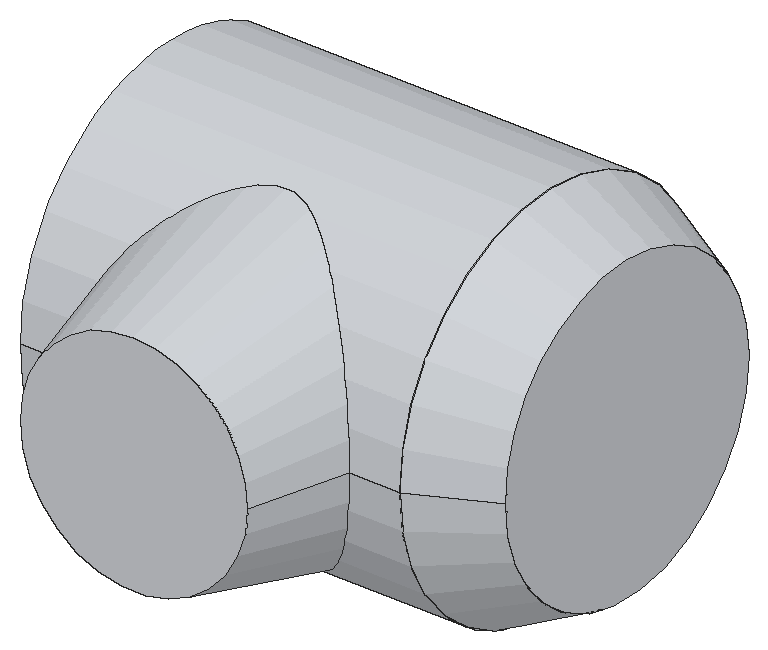
Revit family "M_Round Tee with Transition - Conical", category Duct Fittings, Revit 2014
Parameters (values of type "Standard")
  built-in parameter 1114242 [instance] = (empty or 0)
  Length 2 [instance] = 25 mm
  Duct Radius 4 [instance] = Duct Diameter 4 * 1 / 2  # 250 mm
  Duct Radius 3 [instance] = 150 mm
  Duct Radius 2 [instance] = 200 mm
  Duct Radius 1 [instance] = 250 mm
  Duct Length 3 [instance] = if(Duct Radius 1 < 50 mm, Duct Radius 1, Duct Radius 1 * 0.5)  # 125 mm
  Duct Length 2 [instance] = if(2 * abs(Duct Radius 1 - Duct Radius 2) > 300 mm, 300 mm, if(2 * abs(Duct Radius 1 - Duct Radius 2) < 25 mm, 25 mm, 2 * abs(Duct Radius 1 - Duct Radius 2)))  # 100 mm
  Duct Length 1 [instance] = if(Duct Radius 3 < Duct Radius 4, Duct Radius 4, Duct Radius 3)  # 250 mm
  Duct Diameter 4 [instance] = Duct Diameter 1  # 500 mm
  Duct Diameter 3 [instance] = Duct Radius 3 * 2  # 300 mm
  Duct Diameter 2 [instance] = Duct Radius 2 * 2  # 400 mm
  Duct Diameter 1 [instance] = Duct Radius 1 * 2  # 500 mm
  Assembly Code = ""
  Angle [instance] = 18.00°
Reference planes
  plane 1 "Center (Front/Back)": y = 0
  plane 2: z = 0
  plane 3 "Center (Left/Right)": x = 0
  plane 4: x = -250
  plane 5 "Duct Length 1": x = 250
  plane 6: x = 350
  plane 7: z = 250
  plane 8 "Duct Radius 1 - Duct Radius 3": z = 100
  plane 9: y = -375
  plane 10 "Duct Radius 1": y = -250
Forms (mm)
  Sweep 1, solid, detail levels medium+fine
    path in 3D
      loop
        line (-250, 0, 100) -> (250, 0, 100)
    profile origin (0, 0, 100) x (0, 1, 0) y (0, 0, 1)
      loop
        circle (0, -100) r 250
  Blend 2, solid, detail levels medium+fine
    base sketch origin (0, 0, 0) x (1, 0, 0) y (0, 0, 1)
      loop
        circle (0, 0) r 250
    top sketch origin (0, -250, 0) x (-1, 0, 0) y (0, 0, 1)
      loop
        circle (0, 0) r 150
    from 0 to 125
  Blend 3, solid, detail levels medium+fine
    base sketch origin (250, 1222.925, 1219.2) x (0, 1, 0) y (0, 0, 1)
      loop
        circle (-1222.925, -1219.2) r 250
    top sketch origin (250, 1222.925, 1219.2) x (0, 1, 0) y (0, 0, 1)
      loop
        circle (-1222.925, -1219.2) r 200
    from 0 to 100
Cuts and joins
  joined: Sweep 1, Blend 2
Lines and regions (mm)
  reference lines
    curve 1: line (-250, 0, 100) -> (250, 0, 100)
    curve 3: line (250, 0, 100) -> (350, 0, 100)
  sketch lines
    curve 2: line (-250, 0, 100) -> (250, 0, 100)
  model lines, detail levels coarse
    curve 4: line (-250, 0, 0) -> (0, 0, 0)
    curve 5: line (0, 0, 0) -> (350, 0, 0)
    curve 6: line (0, 0, 0) -> (0, -375, 0)
Dimensions and locks
  "Duct Radius 1": plane 7 to plane 2
  "Duct Radius 3": plane 7 to plane 8 "Duct Radius 1 - Duct Radius 3"
  "Duct Length 1": plane 4 to plane 3 "Center (Left/Right)"
  "Duct Length 1": plane 3 "Center (Left/Right)" to plane 5 "Duct Length 1"
  "Duct Length 3": plane 10 "Duct Radius 1" to plane 9
  "Duct Radius 1": plane 10 "Duct Radius 1" to plane 1 "Center (Front/Back)"
  "Duct Length 2": plane 5 "Duct Length 1" to plane 6
  "Duct Radius 1": radius of Sweep 1 sketch curve
  "Duct Radius 4": radius of Blend 2 sketch curve
  "Duct Radius 3": radius of Blend 2 sketch curve
  "Duct Radius 1": radius of Blend 3 sketch curve
  "Duct Radius 2": radius of Blend 3 sketch curve
  aligned and locked: plane 4 to curve 1
  aligned and locked: plane 1 "Center (Front/Back)" to curve 1
  aligned and locked: plane 1 "Center (Front/Back)" to Sweep 1 sketch curve
  aligned and locked: plane 2 to Sweep 1 sketch curve
  aligned and locked: plane 3 "Center (Left/Right)" to Blend 2 sketch curve  (x2)
  aligned and locked: plane 2 to Blend 2 sketch curve  (x2)
  aligned and locked: Blend 2 to plane 1 "Center (Front/Back)"
  aligned and locked: cut or joined group of Sweep 1, Blend 2 to plane 9
  aligned and locked: plane 1 "Center (Front/Back)" to Blend 3 sketch curve  (x2)
  aligned and locked: plane 2 to Blend 3 sketch curve  (x2)
  aligned and locked: plane 6 to Blend 3
  aligned and locked: plane 5 "Duct Length 1" to curve 3
  aligned and locked: plane 6 to curve 3
  aligned and locked: plane 1 "Center (Front/Back)" to curve 3
  aligned and locked: plane 4 to curve 4
  aligned and locked: plane 1 "Center (Front/Back)" to curve 4
  aligned and locked: plane 6 to curve 5
  aligned and locked: plane 1 "Center (Front/Back)" to curve 6
  aligned and locked: plane 9 to curve 6
  aligned and locked: curve 6 to plane 3 "Center (Left/Right)"
Connectors
  hvac at (-250, 0, 0), driven by "Duct Radius 1"
    settings: on cut or joined group of Sweep 1, Blend 2, index 1, duct flow 0.0 L/s, flow factor 0, pres drop 0.0 Pa, loss coef 0, conn angle 0.00°, conn width 304.8 mm, conn height 304.8 mm, conn diameter 500 mm, duct sys type 28, conn prof type 0, flow config 0, flow direction 0, loss method 0, conn ref index 2, conn util no, is conn primary yes, conn desc ""
  hvac at (350, 0, 0), driven by "Duct Radius 2"
    settings: on Blend 3, index 2, duct flow 0.0 L/s, flow factor 0, pres drop 0.0 Pa, loss coef 0, conn angle 0.00°, conn width 304.8 mm, conn height 304.8 mm, conn diameter 400 mm, duct sys type 28, conn prof type 0, flow config 0, flow direction 0, loss method 0, conn ref index 1, conn util no, is conn primary no, conn desc ""
  hvac at (0, -375, 0), driven by "Duct Radius 3"
    settings: on cut or joined group of Sweep 1, Blend 2, index 3, duct flow 0.0 L/s, flow factor 0, pres drop 0.0 Pa, loss coef 0, conn angle 0.00°, conn width 304.8 mm, conn height 304.8 mm, conn diameter 300 mm, duct sys type 28, conn prof type 0, flow config 0, flow direction 0, loss method 0, conn ref index -1, conn util no, is conn primary no, conn desc ""
